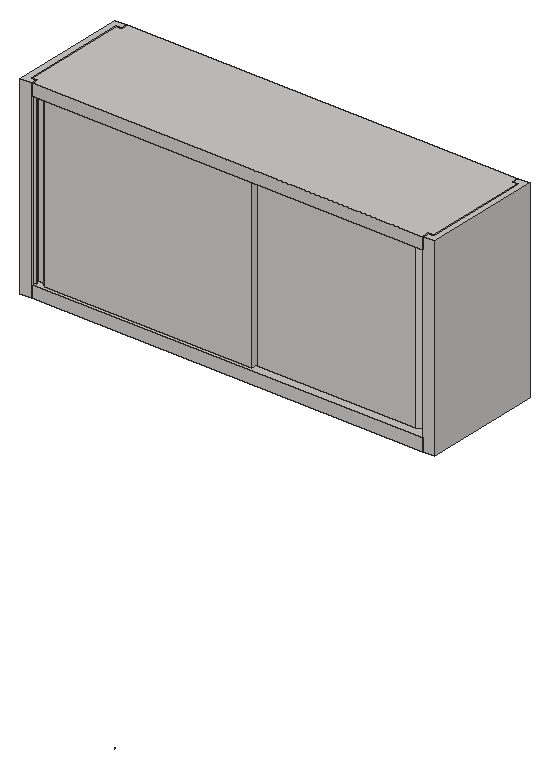
Revit family "QF_ELECTROLUXPROFESSIONAL_134078_GPS1400E", category Attrezzature speciali, Revit 2020
Family settings
  Quota connettore circolare = Usa diametro
  Tipo di parte = Normale
  Basato su piano di lavoro = No
  Sempre verticale = Sì
  Taglio con vuoti quando caricato = No
  Condiviso = No
  Punto di calcolo locali = No
Parameters (values of type "Standard")
  Weight = 35.00 kg
  Watts = 0 W
  Volts = 0 V
  URL Manufacturer = "https://www.electroluxprofessional.com/"
  URL = "https://www.electroluxprofessional.com/"
  Steam Supply Size = 0 mm
  Steam Supply Minimum Pressure = 0.0 Pa
  Steam Supply Maximum Pressure = 0.0 Pa
  Steam Consumption per Hour = 0
  Refrigeration Suction Line Size = 0.0 mm
  Refrigeration Liquid Line Size = 0.0 mm
  Refrigerant Compressor Remote = yes
  Prospetto di default = 0.0 mm
  Phase = 0
  Modello = "GPS1400E"
  Produttore = "Electrolux Professional"
  Length Actual = 1400.0 mm  # constant formula
  Item Number = "134078"
  Hot Water Size = 0 mm
  Height Actual = 650.0 mm  # constant formula
  HP = "0 HP"
  Gas Size = 0 mm
  Gas KW = 0
  Gas Input Pressure = 0 W
  Direct Waste Size = 0 mm
  Descrizione = "WALL CUPBOARD W/2 SLIDING DOORS 1400 MM"
  Depth Actual = 400.0 mm  # constant formula
  Cycle = 0 Hz
  Condensate Return Size = 0 mm
  Compressed Air Volume = 0.0 L/s
  Compressed Air Size = 0 mm
  Compressed Air Pressure = 0.0 Pa
  Cold Water Size = 0 mm
  Accessory = yes
Reference planes
  plane 1 "Center (Front/Back)": y = 0
  plane 2: z = 0
  plane 3 "Center (Left/Right)": x = -300
  plane 4 "LEFT": x = -1000
  plane 5 "RIGHT": x = 400
  plane 6 "BACK": y = 200
  plane 7 "FRONT": y = -200
  plane 8 "Base": z = 2200
  plane 9 "BASE": z = 1550
  plane 10: x = -960
  plane 11: x = 360
  plane 12: y = -197
  plane 13: y = 150
  plane 14: y = 197
  plane 15: x = -220
  plane 16: x = -380
Forms (mm)
  Extrusion 1, solid, material "QF_Finishes_Stainless Steel"
    sketch origin (0, 0, 1550) x (-1, 0, 0) y (0, -1, 0)
      loop
        line (1000, -200) -> (1000, 200) -> (960, 200) -> (960, 178) -> (978, 178) -> (978, -178) -> (960, -178) -> (960, -200) -> (1000, -200)
      loop
        line (-360, -200) -> (-360, -178) -> (-378, -178) -> (-378, 178) -> (-360, 178) -> (-360, 200) -> (-400, 200) -> (-400, -200) -> (-360, -200)
    from 0 to 650
  Extrusion 2, solid, material "QF_Finishes_Stainless Steel"
    sketch origin (0, 0, 1550) x (-1, 0, 0) y (0, -1, 0)
      loop
        line (-360, 200) -> (-360, 178) -> (-378, 178) -> (-378, -178) -> (-360, -178) -> (-360, -200) -> (960, -200) -> (960, -178) -> (978, -178) -> (978, 178) -> (960, 178) -> (960, 200) -> (-360, 200)
    from 0 to 40
  Extrusion 3, solid, material "QF_Finishes_Stainless Steel"
    sketch origin (0, 0, 0) x (1, 0, 0) y (0, 1, 0)
      loop
        line (-960, -200) -> (360, -200) -> (360, -178) -> (378, -178) -> (378, 178) -> (360, 178) -> (360, 200) -> (-960, 200) -> (-960, 178) -> (-978, 178) -> (-978, -178) -> (-960, -178) -> (-960, -200)
    from 2160 to 2200
  Extrusion 4, solid, material "QF_Finishes_Stainless Steel"
    sketch origin (0, 0, 0) x (1, 0, 0) y (0, 1, 0)
      loop
        line (-220, -197) -> (-220, -177) -> (-957, -177) -> (-957, -197) -> (-947, -197) -> (-947, -194) -> (-954, -194) -> (-954, -182) -> (-937, -182) -> (-917, -197) -> (-220, -197)
    from 1597 to 2160
  Extrusion 5, solid, material "QF_Finishes_Stainless Steel"
    sketch origin (0, 0, 0) x (1, 0, 0) y (0, 1, 0)
      loop
        line (-380, -177) -> (317, -177) -> (337, -162) -> (354, -162) -> (354, -174) -> (347, -174) -> (347, -177) -> (357, -177) -> (357, -157) -> (-380, -157) -> (-380, -177)
    from 2160 to 1597
  Extrusion 6, solid, material "QF_Finishes_Stainless Steel"
    sketch origin (0, 0, 0) x (1, 0, 0) y (0, 1, 0)
      loop
        line (-273.481, 197) -> (-917, 197) -> (-937, 182) -> (-954, 182) -> (-954, 194) -> (-947, 194) -> (-947, 197) -> (-957, 197) -> (-957, 177) -> (-273.481, 177) -> (-273.481, 197)
    from 1597 to 2160
  Extrusion 7, solid, material "QF_Finishes_Stainless Steel"
    sketch origin (0, 0, 0) x (1, 0, 0) y (0, 1, 0)
      loop
        line (-326.5, 177) -> (-326.5, 157) -> (357, 157) -> (357, 177) -> (347, 177) -> (347, 174) -> (354, 174) -> (354, 162) -> (337, 162) -> (317, 177) -> (-326.5, 177)
    from 2160 to 1597
  Extrusion 8, solid, material "QF_Finishes_Stainless Steel"
    sketch origin (0, 0, 0) x (1, 0, 0) y (0, 1, 0)
      loop
        line (-1000, 200) -> (-1000, 199) -> (-999, 199) -> (-999, 200) -> (-1000, 200)
    from 0 to 1
Lines and regions (mm)
  symbolic lines, style "SpecialityEquipmentHiddenLines"
    curve 1: line (357, -157, 0) -> (-380, -157, 0)
    curve 2: line (-380, -157, 0) -> (-380, -177, 0)
    curve 3: line (317, -177, 0) -> (-957, -177, 0)
    curve 4: line (-220, -177, 0) -> (-220, -197, 0)
    curve 5: line (-957, -177, 0) -> (-957, -197, 0)
    curve 6: line (-937, -182, 0) -> (-954, -182, 0)
    curve 20: line (357, 157, 0) -> (-326.5, 157, 0)
    curve 21: line (-326.5, 157, 0) -> (-326.5, 177, 0)
    curve 22: line (317, 177, 0) -> (-957, 177, 0)
    curve 23: line (-273.5, 177, 0) -> (-273.5, 197, 0)
    curve 24: line (-957, 177, 0) -> (-957, 197, 0)
    curve 39: line (-917, -197, 0) -> (-220, -197, 0)
    curve 40: line (-957, -197, 0) -> (-947, -197, 0)
    curve 41: line (-947, 197, 0) -> (-957, 197, 0)
    curve 42: line (-917, 197, 0) -> (-273.5, 197, 0)
    curve 43: line (-937, 182, 0) -> (-954, 182, 0)
    curve 44: line (-917, 197, 0) -> (-937, 182, 0)
  symbolic lines
    curve 7: line (-1000, 200, 0) -> (400, -200, 0)
    curve 8: line (400, 200, 0) -> (-1000, -200, 0)
    curve 9: line (-937, -182, 0) -> (-917, -197, 0)
    curve 10: line (-954, -182, 0) -> (-954, -194, 0)
    curve 11: line (-954, -194, 0) -> (-947, -194, 0)
    curve 12: line (-947, -194, 0) -> (-947, -197, 0)
    curve 13: line (357, -157, 0) -> (357, -177, 0)
    curve 14: line (357, -177, 0) -> (347, -177, 0)
    curve 15: line (347, -177, 0) -> (347, -174, 0)
    curve 16: line (347, -174, 0) -> (354, -174, 0)
    curve 17: line (354, -174, 0) -> (354, -162, 0)
    curve 18: line (354, -162, 0) -> (337, -162, 0)
    curve 19: line (317, -177, 0) -> (337, -162, 0)
    curve 25: line (-954, 182, 0) -> (-954, 194, 0)
    curve 26: line (-954, 194, 0) -> (-947, 194, 0)
    curve 27: line (-947, 194, 0) -> (-947, 197, 0)
    curve 28: line (357, 157, 0) -> (357, 177, 0)
    curve 29: line (357, 177, 0) -> (347, 177, 0)
    curve 30: line (347, 177, 0) -> (347, 174, 0)
    curve 31: line (347, 174, 0) -> (354, 174, 0)
    curve 32: line (354, 174, 0) -> (354, 162, 0)
    curve 33: line (354, 162, 0) -> (337, 162, 0)
    curve 34: line (317, 177, 0) -> (337, 162, 0)
    curve 35: line (-1000, 200, 0) -> (400, 200, 0)
    curve 36: line (-1000, -200, 0) -> (-1000, 200, 0)
    curve 37: line (400, -200, 0) -> (-1000, -200, 0)
    curve 38: line (400, 200, 0) -> (400, -200, 0)
Dimensions and locks
  plane 4 "LEFT" to plane 5 "RIGHT" = 1400.0 mm
  equal spacing: plane 4 "LEFT", plane 3 "Center (Left/Right)", plane 5 "RIGHT"
  plane 6 "BACK" to plane 7 "FRONT" = 400.0 mm
  equal spacing: plane 6 "BACK", plane 1 "Center (Front/Back)", plane 7 "FRONT"
  plane 9 "BASE" to level = 1550.0 mm
  locked: plane 4 "LEFT" to plane 10 at 40
  locked: plane 11 to plane 5 "RIGHT" at 40
  plane 12 to plane 7 "FRONT" = 3.0 mm
  plane 6 "BACK" to plane 13 = 50.0 mm
  locked: plane 8 "Base" to plane 9 "BASE" at 650
  equal spacing: plane 16, plane 3 "Center (Left/Right)", plane 15
  locked: plane 16 to plane 15 at 160
  aligned and locked: level to plane 2
  aligned and locked: plane 8 "Base" to Extrusion 1
  aligned and locked: plane 6 "BACK" to Extrusion 1 sketch curve
  aligned and locked: Extrusion 1 sketch curve to plane 6 "BACK"
  aligned and locked: plane 7 "FRONT" to Extrusion 1 sketch curve
  aligned and locked: Extrusion 1 sketch curve to plane 7 "FRONT"
  aligned and locked: plane 10 to Extrusion 1
  aligned and locked: Extrusion 1 to plane 11
  aligned and locked: plane 8 "Base" to Extrusion 3
  aligned and locked: Extrusion 3 to plane 7 "FRONT"
  aligned and locked: Extrusion 2 to plane 7 "FRONT"
  aligned and locked: plane 15 to Extrusion 4
  aligned and locked: curve 4 to plane 15
  aligned and locked: plane 16 to Extrusion 5
  aligned and locked: plane 16 to curve 2
  aligned and locked: curve 43 to Extrusion 6
  aligned and locked: curve 44 to Extrusion 6
Automatic sketch dimensions
  Extrusion 1 sketch curve to plane 11 = 0.0 mm  (x2)
  Extrusion 1 sketch curve to plane 4 "LEFT" = 0.0 mm
  Extrusion 4 sketch curve to plane 12 = 0.0 mm  (x2)
  plane 10 to Extrusion 4 sketch curve = 3.0 mm
  Extrusion 4 sketch curve to Extrusion 4 sketch curve = 3.0 mm
  Extrusion 4 sketch curve to Extrusion 4 sketch curve = 7.0 mm
  Extrusion 4 sketch curve to Extrusion 4 sketch curve = 10.0 mm
  plane 3 "Center (Left/Right)" to Extrusion 4 sketch curve = 80.0 mm
  plane 12 to Extrusion 4 sketch curve = 3.0 mm
  Extrusion 4 sketch curve to Extrusion 4 sketch curve = 12.0 mm
  Extrusion 4 sketch curve to Extrusion 4 sketch curve = 20.0 mm  (x2)
  Extrusion 4 sketch curve to Extrusion 4 sketch curve = 0.0 mm
  Extrusion 5 sketch curve to plane 3 "Center (Left/Right)" = 80.0 mm
  plane 12 to Extrusion 5 sketch curve = 20.0 mm  (x2)
  Extrusion 5 sketch curve to plane 11 = 43.0 mm
  Extrusion 5 sketch curve to plane 11 = 23.0 mm
  Extrusion 5 sketch curve to plane 11 = 13.0 mm
  Extrusion 5 sketch curve to plane 11 = 6.0 mm
  Extrusion 5 sketch curve to plane 11 = 3.0 mm
  Extrusion 5 sketch curve to Extrusion 5 sketch curve = 3.0 mm
  Extrusion 5 sketch curve to Extrusion 5 sketch curve = 12.0 mm
  Extrusion 5 sketch curve to Extrusion 5 sketch curve = 20.0 mm
  plane 14 to Extrusion 6 sketch curve = 0.0 mm  (x2)
  Extrusion 6 sketch curve to plane 10 = 3.0 mm
  Extrusion 6 sketch curve to Extrusion 6 sketch curve = 3.0 mm
  Extrusion 6 sketch curve to Extrusion 6 sketch curve = 7.0 mm
  Extrusion 6 sketch curve to Extrusion 6 sketch curve = 10.0 mm
  Extrusion 6 sketch curve to plane 3 "Center (Left/Right)" = 26.519 mm
  Extrusion 6 sketch curve to plane 14 = 3.0 mm
  Extrusion 6 sketch curve to Extrusion 6 sketch curve = 12.0 mm
  Extrusion 6 sketch curve to Extrusion 6 sketch curve = 20.0 mm  (x2)
  Extrusion 6 sketch curve to Extrusion 6 sketch curve = 0.0 mm
  plane 3 "Center (Left/Right)" to Extrusion 7 sketch curve = 26.5 mm
  Extrusion 7 sketch curve to plane 14 = 20.0 mm  (x2)
  plane 11 to Extrusion 7 sketch curve = 43.0 mm
  plane 11 to Extrusion 7 sketch curve = 23.0 mm
  plane 11 to Extrusion 7 sketch curve = 13.0 mm
  plane 11 to Extrusion 7 sketch curve = 6.0 mm
  plane 11 to Extrusion 7 sketch curve = 3.0 mm
  Extrusion 7 sketch curve to Extrusion 7 sketch curve = 3.0 mm
  Extrusion 7 sketch curve to Extrusion 7 sketch curve = 12.0 mm
  plane 13 to Extrusion 7 sketch curve = 7.0 mm
  Extrusion 8 sketch curve to plane 6 "BACK" = 0.0 mm
  Extrusion 8 sketch curve to plane 4 "LEFT" = 0.0 mm
  plane 4 "LEFT" to Extrusion 8 sketch curve = 1.0 mm
  Extrusion 8 sketch curve to plane 6 "BACK" = 1.0 mm
  Extrusion 1 sketch curve to plane 6 "BACK" = 22.0 mm  (x2)
  plane 4 "LEFT" to Extrusion 1 sketch curve = 22.0 mm
  plane 7 "FRONT" to Extrusion 1 sketch curve = 22.0 mm  (x2)
  Extrusion 1 sketch curve to plane 10 = 0.0 mm  (x2)
  plane 11 to Extrusion 1 sketch curve = 18.0 mm
  Extrusion 1 sketch curve to plane 5 "RIGHT" = 0.0 mm
  curve 37 to plane 4 "LEFT" = 0.0 mm
  curve 5 to plane 12 = 0.0 mm
  plane 14 to curve 24 = 0.0 mm
  curve 9 to plane 12 = 0.0 mm
  curve 38 to plane 5 "RIGHT" = 0.0 mm
  curve 7 to plane 7 "FRONT" = 0.0 mm
  curve 7 to plane 6 "BACK" = 0.0 mm
  plane 10 to curve 24 = 3.0 mm
  plane 10 to curve 5 = 3.0 mm
  curve 22 to curve 25 = 3.0 mm
  curve 3 to curve 10 = 3.0 mm
  curve 10 to curve 40 = 7.0 mm
  curve 25 to curve 27 = 7.0 mm
  curve 12 to curve 9 = 30.0 mm
  curve 20 to plane 13 = 7.0 mm
  curve 20 to plane 3 "Center (Left/Right)" = 26.5 mm
  plane 3 "Center (Left/Right)" to curve 23 = 26.5 mm
  plane 12 to curve 3 = 20.0 mm
  curve 3 to plane 11 = 43.0 mm
  curve 34 to plane 11 = 43.0 mm
  curve 34 to plane 11 = 23.0 mm
  curve 18 to plane 11 = 23.0 mm
  curve 14 to plane 11 = 13.0 mm
  curve 29 to plane 11 = 13.0 mm
  curve 32 to plane 11 = 6.0 mm
  curve 17 to plane 11 = 6.0 mm
  curve 29 to plane 11 = 3.0 mm
  curve 13 to plane 11 = 3.0 mm
  curve 12 to curve 12 = 3.0 mm
  curve 6 to curve 3 = 5.0 mm
  plane 12 to curve 13 = 20.0 mm
  curve 14 to curve 16 = 3.0 mm
  curve 15 to curve 19 = 12.0 mm
  curve 2 to curve 2 = 20.0 mm
  curve 20 to curve 33 = 5.0 mm
  curve 32 to curve 31 = 12.0 mm
  curve 31 to curve 28 = 3.0 mm
  plane 14 to curve 26 = 3.0 mm
  curve 11 to curve 6 = 10.0 mm
  Extrusion 3 sketch curve to plane 6 "BACK" = 0.0 mm
  Extrusion 3 sketch curve to plane 10 = 0.0 mm  (x2)
  Extrusion 3 sketch curve to plane 7 "FRONT" = 0.0 mm
  Extrusion 3 sketch curve to plane 11 = 0.0 mm  (x2)
  Extrusion 3 sketch curve to Extrusion 3 sketch curve = 18.0 mm
  plane 11 to Extrusion 3 sketch curve = 18.0 mm
  plane 12 to Extrusion 3 sketch curve = 19.0 mm  (x2)
  plane 14 to Extrusion 3 sketch curve = 19.0 mm  (x2)
  Extrusion 2 sketch curve to plane 11 = 0.0 mm  (x2)
  Extrusion 2 sketch curve to plane 6 "BACK" = 0.0 mm
  Extrusion 2 sketch curve to plane 10 = 0.0 mm  (x2)
  Extrusion 2 sketch curve to plane 7 "FRONT" = 0.0 mm
  plane 11 to Extrusion 2 sketch curve = 18.0 mm
  Extrusion 2 sketch curve to Extrusion 2 sketch curve = 18.0 mm
  plane 14 to Extrusion 2 sketch curve = 19.0 mm  (x2)
  plane 12 to Extrusion 2 sketch curve = 19.0 mm  (x2)
  plane 14 to curve 42 = 0.0 mm
  curve 22 to curve 25 = 5.0 mm
